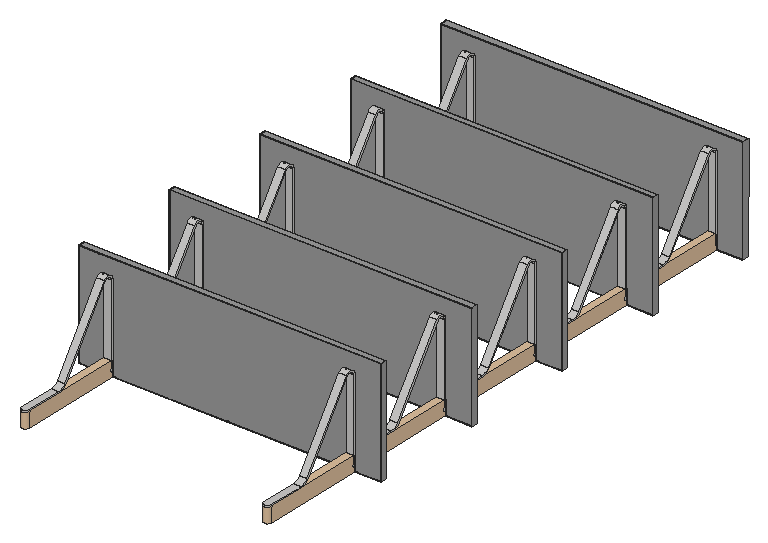
Revit family "Artek_Shelving_Kaari Wall Shelf_Kaari REB009", category Furniture, host Face, Revit 2017
Family settings
  Host = Face
  OmniClass Number = 23.40.20.27
  OmniClass Title = Storage Shelving
  Cut with Voids When Loaded = No
  Shared = No
  Room Calculation Point = No
Parameters (values of type "Kaari Wall Shelf REB009")
  WarrantyStartDate [instance] = "n/a"
  WarrantyGuarantorParts = "n/a"
  WarrantyGuarantorLabor = "n/a"
  WarrantyDurationUnit = "Years"
  WarrantyDurationParts = "n/a"
  WarrantyDurationLabor = "n/a"
  WarrantyDescription = "n/a"
  VersionDate = "11/3/2020"  # constant formula
  Version = "1"  # constant formula
  Uniclass2015Reference = "Pr_40_30_78_77"
  Uniclass2015Description = "Shelf units"
  Uniclass2 = "Pr_40_30_78_77"
  URL = "https://www.artek.fi/en/products/kaari-wall-shelf"
  Type Comments = ""
  TagNumber [instance] = "n/a"
  SustainabilityPerformance = "n/a"
  Style = "n/a"
  Size = "1000x1880x350 mm"
  ShelfTopMaterial = Melamine
  Shape = "Sculptured"
  SerialNumber [instance] = "n/a"
  Revision = "n/a"
  ReplacementCost = "n/a"
  ProductInformation = "n/a"
  Product data url = ""
  NominalWidth = 350 mm
  NominalHeight = 1000 mm
  NominalDepth = 1876 mm
  Name = "Kaari REB009"
  NBSReference = "45-35-80/310"
  NBSDescription = "Shelf units"
  ModelReference = "n/a"
  ModelNumber = "28503401"
  Model = "Kaari Wall Shelf REB009"
  Material = "Wood/Steel"
  ManufacturerURL = "https://www.artek.fi/"
  ManufacturerName = "Artek"
  Manufacturer = "Artek"
  MainColor = "Black"
  LegsMaterial = Solid oak
  InstallationDate [instance] = "n/a"
  IfcExportType = "SHELF"  # constant formula
  IfcExportAs = "IfcFurnitureType"  # constant formula
  Grade = "n/a"
  Finish = "n/a"
  Features = "n/a"
  ExpectedLife = "n/a"
  DurationUnit = "Years"
  Designer = "Ronan & Erwan Bouroullec"
  Description = ""
  Default Elevation = 0 mm
  ConvergoRefNr = "0190-2009-0036-FI"  # constant formula
  Constituents = "n/a"
  Color = "Black"
  Collection = "Kaari Collection"
  CodePerformance = "n/a"
  Category = "Shelving"
  Brand = "Artek"
  Barcode [instance] = "n/a"
  BIMObjectName = "Artek_Shelving_Kaari Wall Shelf_Kaari REB009"  # constant formula
  Author = "Convergo AB"  # constant formula
  AssetType = "Movable"
  AssetIdentifier [instance] = "n/a"
  Assembly Code = ""
  AccessibilityPerformance = "n/a"
Reference planes
  plane 1 "Center (Front/Back)": y = 0
  plane 2: z = 0
  plane 3 "Center (Left/Right)": x = 0
  plane 4: y = 938
  plane 5: y = -938
  plane 6: x = -500
  plane 7: x = 500
  plane 8: z = 350
Dimensions and locks
  equal spacing: plane 5, plane 1 "Center (Front/Back)", plane 4
  "NominalDepth": plane 5 to plane 4
  equal spacing: plane 6, plane 3 "Center (Left/Right)", plane 7
  "NominalHeight": plane 6 to plane 7
  "NominalWidth": plane 8 to level
  aligned and locked: plane 2 to host face
  aligned and locked: level to host face
Automatic sketch dimensions
  host sketch curve to host sketch curve = 2438.4 mm  (x2)
Nested families
  nested 1: "kaari_shelf_reb009" at (0, -938, 0) x (-1, 0, 0) z (0, 1, 0), Legs <- "LegsMaterial", Shelf <- "ShelfTopMaterial", type "kaari_shelf_reb009"
    with ShelfFrame ABS, Shelf Melamine, LegsFrame Flat rolled steel, Legs Solid oak
Definition of nested family "kaari_shelf_reb009"
  Parameters (values of type "kaari_shelf_reb009")
    ShelfFrame [instance] = none
    Shelf [instance] = none
    LegsFrame [instance] = none
    Legs [instance] = none
    Default Elevation = 1219.2 mm
  Reference planes
    plane 1 "Center (Front/Back)": y = 0
    plane 2: z = 0
    plane 3 "Center (Left/Right)": x = 0
  Forms (mm)
    Extrusion 1, solid, material <- "Shelf", detail levels medium+fine
      sketch origin (0, 0, 0) x (1, 0, 0) y (0, 1, 0)
        loop
          line (-499, -349) -> (499, -349) -> (499, -1) -> (413.5, -1) -> (413.5, -51) -> (386.5, -51) -> (386.5, -1) -> (0, -1) -> (-386.5, -1) -> (-386.5, -51) -> (-413.5, -51) -> (-413.5, -1) -> (-499, -1) -> (-499, -349)
      from 1106 to 1128
    Extrusion 2, solid, material <- "LegsFrame", detail levels medium+fine
      sketch origin (0, 0, 0) x (0, 1, 0) y (0, 0, 1)
        loop
          line (-298.43, 1073.33) -> (-65.793, 910.435)
          arc (-65.793, 910.435) -> (-56.39, 899.713) -> (-53, 885.86) r 30
          line (-53, 885.86) -> (-53, 732) -> (-288.129, 732)
          arc (-288.129, 732) -> (-305.257, 719.441) -> (-298.43, 699.33) r 17.959
          line (-298.43, 699.33) -> (-65.793, 536.435)
          arc (-65.793, 536.435) -> (-56.39, 525.713) -> (-53, 511.86) r 30
          line (-53, 511.86) -> (-53, 358) -> (-288.129, 358)
          arc (-288.129, 358) -> (-305.257, 345.441) -> (-298.43, 325.33) r 17.959
          line (-298.43, 325.33) -> (-65.793, 162.435)
          arc (-65.793, 162.435) -> (-56.39, 151.713) -> (-53, 137.86) r 30
          line (-53, 137.86) -> (-53, -2.5) -> (-50, -2.5) -> (-50, 137.74)
          arc (-50, 137.74) -> (-53.755, 153.084) -> (-64.17, 164.961) r 33.23
          line (-64.17, 164.961) -> (-296.604, 327.713)
          arc (-296.604, 327.713) -> (-302.306, 344.511) -> (-288, 355) r 15
          line (-288, 355) -> (-25.999, 355.008)
          arc (-25.999, 355.008) -> (-24.563, 354.523) -> (-23.359, 353.603) r 4.655
          arc (-23.359, 353.603) -> (-16.069, 356.49) -> (-23.355, 359.385) r 4.217
          arc (-23.355, 359.385) -> (-24.491, 358.501) -> (-25.842, 358) r 4.715
          line (-25.842, 358) -> (-50, 358) -> (-50, 511.74)
          arc (-50, 511.74) -> (-53.755, 527.084) -> (-64.17, 538.961) r 33.23
          line (-64.17, 538.961) -> (-296.604, 701.713)
          arc (-296.604, 701.713) -> (-302.306, 718.511) -> (-288, 729) r 15
          line (-288, 729) -> (-25.999, 729.008)
          arc (-25.999, 729.008) -> (-24.563, 728.524) -> (-23.359, 727.604) r 4.655
          arc (-23.359, 727.604) -> (-16.069, 730.49) -> (-23.355, 733.385) r 4.217
          arc (-23.355, 733.385) -> (-24.491, 732.501) -> (-25.842, 732) r 4.715
          line (-25.842, 732) -> (-50, 732) -> (-50, 885.74)
          arc (-50, 885.74) -> (-53.755, 901.084) -> (-64.17, 912.961) r 33.23
          line (-64.17, 912.961) -> (-296.604, 1075.713)
          arc (-296.604, 1075.713) -> (-302.306, 1092.511) -> (-288, 1103) r 15
          line (-288, 1103) -> (-26.77, 1103)
          arc (-26.77, 1103) -> (-24.939, 1102.623) -> (-23.404, 1101.555) r 4.641
          arc (-23.404, 1101.555) -> (-16.026, 1104.5) -> (-23.404, 1107.445) r 4.277
          arc (-23.404, 1107.445) -> (-24.939, 1106.377) -> (-26.77, 1106) r 4.641
          line (-26.77, 1106) -> (-50, 1106) -> (-50, 1259.74)
          arc (-50, 1259.74) -> (-53.755, 1275.084) -> (-64.17, 1286.961) r 33.23
          line (-64.17, 1286.961) -> (-296.604, 1449.713)
          arc (-296.604, 1449.713) -> (-302.306, 1466.511) -> (-288, 1477) r 15
          line (-288, 1477) -> (-26.77, 1477)
          arc (-26.77, 1477) -> (-24.939, 1476.623) -> (-23.404, 1475.555) r 4.641
          arc (-23.404, 1475.555) -> (-16.026, 1478.5) -> (-23.404, 1481.445) r 4.277
          arc (-23.404, 1481.445) -> (-24.939, 1480.377) -> (-26.77, 1480) r 4.641
          line (-26.77, 1480) -> (-50, 1480) -> (-50, 1633.74)
          arc (-50, 1633.74) -> (-53.755, 1649.084) -> (-64.17, 1660.961) r 33.23
          line (-64.17, 1660.961) -> (-296.604, 1823.713)
          arc (-296.604, 1823.713) -> (-302.306, 1840.511) -> (-288, 1851) r 15
          line (-288, 1851) -> (-26.77, 1851)
          arc (-26.77, 1851) -> (-24.939, 1850.623) -> (-23.404, 1849.555) r 4.641
          arc (-23.404, 1849.555) -> (-16.026, 1852.5) -> (-23.404, 1855.445) r 4.277
          arc (-23.404, 1855.445) -> (-24.939, 1854.377) -> (-26.77, 1854) r 4.641
          line (-26.77, 1854) -> (-50, 1854) -> (-288.129, 1854)
          arc (-288.129, 1854) -> (-305.257, 1841.441) -> (-298.43, 1821.33) r 17.959
          line (-298.43, 1821.33) -> (-65.793, 1658.435)
          arc (-65.793, 1658.435) -> (-56.39, 1647.713) -> (-53, 1633.86) r 30
          line (-53, 1633.86) -> (-53, 1480) -> (-288.129, 1480)
          arc (-288.129, 1480) -> (-305.257, 1467.441) -> (-298.43, 1447.33) r 17.959
          line (-298.43, 1447.33) -> (-65.793, 1284.435)
          arc (-65.793, 1284.435) -> (-56.39, 1273.713) -> (-53, 1259.86) r 30
          line (-53, 1259.86) -> (-53, 1106) -> (-288.129, 1106)
          arc (-288.129, 1106) -> (-305.257, 1093.441) -> (-298.43, 1073.33) r 17.959
      from -412.5 to -387.5
    Extrusion 3, solid, material <- "ShelfFrame", detail levels medium+fine
      sketch origin (0, 0, 0) x (1, 0, 0) y (0, 1, 0)
        loop
          line (-500, 0) -> (-500, -350) -> (500, -350) -> (500, 0) -> (412.5, 0) -> (412.5, -50) -> (387.5, -50) -> (387.5, 0) -> (12.5, 0) -> (-387.5, 0) -> (-387.5, -50) -> (-412.5, -50) -> (-412.5, 0) -> (-500, 0)
        loop
          line (-499, -1) -> (-499, -349) -> (499, -349) -> (499, -1) -> (413.5, -1) -> (413.5, -51) -> (386.5, -51) -> (386.5, -1) -> (13.5, -1) -> (-386.5, -1) -> (-386.5, -51) -> (-413.5, -51) -> (-413.5, -1) -> (-499, -1)
      from 1106 to 1128
    Extrusion 4, void
      sketch origin (0, 0, 0) x (1, 0, 0) y (0, 0, 1)
        loop
          line (-412.5, 12.5) -> (-416.007, 12.5) -> (-416.007, -2.5) -> (-386.007, -2.5) -> (-386.007, 12.5) -> (-387.5, 12.5)
          arc (-387.5, 12.5) -> (-400, 0) -> (-412.5, 12.5) r 12.5
      from 43.553 to 61.788
    Sweep 5, void
      path in 3D
        loop
          line (-500, 0, 1128) -> (-500, -350, 1128) -> (500, -350, 1128) -> (500, 0, 1128) -> (412.5, 0, 1128)
      profile origin (-500, -175, 1128) x (1, 0, 0) y (0, 0, 1)
        loop
          line (0, 0) -> (0, -1) -> (1, 0) -> (0, 0)
    Sweep 6, void
      path in 3D
        loop
          line (-500, -350, 1106) -> (-500, 0, 1106) -> (500, 0, 1106) -> (500, -350, 1106) -> (-500, -350, 1106)
      profile origin (0, -350, 1106) x (0, 1, 0) y (0, 0, -1)
        loop
          line (0, 0) -> (0, -1) -> (1, 0) -> (0, 0)
    Extrusion 7, solid, material <- "LegsFrame", detail levels medium+fine
      sketch origin (0, 0, 0) x (0, 1, 0) y (0, 0, -1)
        loop
          arc (-298.43, -1073.33) -> (-305.257, -1093.441) -> (-288.129, -1106) r 17.959
          line (-288.129, -1106) -> (-53, -1106) -> (-53, -1259.86)
          arc (-53, -1259.86) -> (-56.39, -1273.713) -> (-65.793, -1284.435) r 30
          line (-65.793, -1284.435) -> (-298.43, -1447.33)
          arc (-298.43, -1447.33) -> (-305.257, -1467.441) -> (-288.129, -1480) r 17.959
          line (-288.129, -1480) -> (-53, -1480) -> (-53, -1633.86)
          arc (-53, -1633.86) -> (-56.39, -1647.713) -> (-65.793, -1658.435) r 30
          line (-65.793, -1658.435) -> (-298.43, -1821.33)
          arc (-298.43, -1821.33) -> (-305.257, -1841.441) -> (-288.129, -1854) r 17.959
          line (-288.129, -1854) -> (-50, -1854) -> (-26.77, -1854)
          arc (-26.77, -1854) -> (-24.939, -1854.377) -> (-23.404, -1855.445) r 4.641
          arc (-23.404, -1855.445) -> (-16.026, -1852.5) -> (-23.404, -1849.555) r 4.277
          arc (-23.404, -1849.555) -> (-24.939, -1850.623) -> (-26.77, -1851) r 4.641
          line (-26.77, -1851) -> (-288, -1851)
          arc (-288, -1851) -> (-302.306, -1840.511) -> (-296.604, -1823.713) r 15
          line (-296.604, -1823.713) -> (-64.17, -1660.961)
          arc (-64.17, -1660.961) -> (-53.755, -1649.084) -> (-50, -1633.74) r 33.23
          line (-50, -1633.74) -> (-50, -1480) -> (-26.77, -1480)
          arc (-26.77, -1480) -> (-24.939, -1480.377) -> (-23.404, -1481.445) r 4.641
          arc (-23.404, -1481.445) -> (-16.026, -1478.5) -> (-23.404, -1475.555) r 4.277
          arc (-23.404, -1475.555) -> (-24.939, -1476.623) -> (-26.77, -1477) r 4.641
          line (-26.77, -1477) -> (-288, -1477)
          arc (-288, -1477) -> (-302.306, -1466.511) -> (-296.604, -1449.713) r 15
          line (-296.604, -1449.713) -> (-64.17, -1286.961)
          arc (-64.17, -1286.961) -> (-53.755, -1275.084) -> (-50, -1259.74) r 33.23
          line (-50, -1259.74) -> (-50, -1106) -> (-26.77, -1106)
          arc (-26.77, -1106) -> (-24.939, -1106.377) -> (-23.404, -1107.445) r 4.641
          arc (-23.404, -1107.445) -> (-16.026, -1104.5) -> (-23.404, -1101.555) r 4.277
          arc (-23.404, -1101.555) -> (-24.939, -1102.623) -> (-26.77, -1103) r 4.641
          line (-26.77, -1103) -> (-288, -1103)
          arc (-288, -1103) -> (-302.306, -1092.511) -> (-296.604, -1075.713) r 15
          line (-296.604, -1075.713) -> (-64.17, -912.961)
          arc (-64.17, -912.961) -> (-53.755, -901.084) -> (-50, -885.74) r 33.23
          line (-50, -885.74) -> (-50, -732) -> (-25.842, -732)
          arc (-25.842, -732) -> (-24.491, -732.501) -> (-23.355, -733.385) r 4.715
          arc (-23.355, -733.385) -> (-16.069, -730.49) -> (-23.359, -727.603) r 4.217
          arc (-23.359, -727.603) -> (-24.563, -728.523) -> (-25.999, -729.008) r 4.655
          line (-25.999, -729.008) -> (-288, -729)
          arc (-288, -729) -> (-302.306, -718.511) -> (-296.604, -701.713) r 15
          line (-296.604, -701.713) -> (-64.17, -538.961)
          arc (-64.17, -538.961) -> (-53.755, -527.084) -> (-50, -511.74) r 33.23
          line (-50, -511.74) -> (-50, -358) -> (-25.842, -358)
          arc (-25.842, -358) -> (-24.491, -358.501) -> (-23.355, -359.385) r 4.715
          arc (-23.355, -359.385) -> (-16.069, -356.49) -> (-23.359, -353.603) r 4.217
          arc (-23.359, -353.603) -> (-24.563, -354.523) -> (-25.999, -355.008) r 4.655
          line (-25.999, -355.008) -> (-288, -355)
          arc (-288, -355) -> (-302.306, -344.511) -> (-296.604, -327.713) r 15
          line (-296.604, -327.713) -> (-64.17, -164.961)
          arc (-64.17, -164.961) -> (-53.755, -153.084) -> (-50, -137.74) r 33.23
          line (-50, -137.74) -> (-50, 0) -> (-53, 0) -> (-53, -137.86)
          arc (-53, -137.86) -> (-56.39, -151.713) -> (-65.793, -162.435) r 30
          line (-65.793, -162.435) -> (-298.43, -325.33)
          arc (-298.43, -325.33) -> (-305.257, -345.441) -> (-288.129, -358) r 17.959
          line (-288.129, -358) -> (-53, -358) -> (-53, -511.86)
          arc (-53, -511.86) -> (-56.39, -525.713) -> (-65.793, -536.435) r 30
          line (-65.793, -536.435) -> (-298.43, -699.33)
          arc (-298.43, -699.33) -> (-305.257, -719.441) -> (-288.129, -732) r 17.959
          line (-288.129, -732) -> (-53, -732) -> (-53, -885.86)
          arc (-53, -885.86) -> (-56.39, -899.713) -> (-65.793, -910.435) r 30
          line (-65.793, -910.435) -> (-298.43, -1073.33)
      from -412.5 to -387.5
    Extrusion 8, solid, material <- "Legs", detail levels medium+fine
      sketch origin (1.698, 0, 2.863) x (1, 0, 0) y (0, 0, 1)
        loop
          line (-414.198, 1873.137) -> (-414.198, 12.5)
          arc (-414.198, 12.5) -> (-401.698, 0) -> (-389.198, 12.5) r 12.5
          line (-389.198, 12.5) -> (-389.198, 1873.137) -> (-414.198, 1873.137)
        loop
          line (410.802, 1873.137) -> (385.802, 1873.137) -> (385.802, 12.5)
          arc (385.802, 12.5) -> (398.302, 0) -> (410.802, 12.5) r 12.5
          line (410.802, 12.5) -> (410.802, 1873.137)
      from 0 to 50
    Extrusion 9, solid, material <- "Shelf", detail levels medium+fine
      sketch origin (0, 0, 0) x (1, 0, 0) y (0, 1, 0)
        loop
          line (-499, -349) -> (499, -349) -> (499, -1) -> (413.5, -1) -> (413.5, -51) -> (386.5, -51) -> (386.5, -1) -> (0, -1) -> (-386.5, -1) -> (-386.5, -51) -> (-413.5, -51) -> (-413.5, -1) -> (-499, -1) -> (-499, -349)
      from 1480 to 1502
    Extrusion 10, solid, material <- "ShelfFrame", detail levels medium+fine
      sketch origin (0, 0, 0) x (1, 0, 0) y (0, 1, 0)
        loop
          line (-500, 0) -> (-500, -350) -> (500, -350) -> (500, 0) -> (412.5, 0) -> (412.5, -50) -> (387.5, -50) -> (387.5, 0) -> (12.5, 0) -> (-387.5, 0) -> (-387.5, -50) -> (-412.5, -50) -> (-412.5, 0) -> (-500, 0)
        loop
          line (-499, -1) -> (-499, -349) -> (499, -349) -> (499, -1) -> (413.5, -1) -> (413.5, -51) -> (386.5, -51) -> (386.5, -1) -> (13.5, -1) -> (-386.5, -1) -> (-386.5, -51) -> (-413.5, -51) -> (-413.5, -1) -> (-499, -1)
      from 1480 to 1502
    Sweep 11, void
      path in 3D
        loop
          line (-500, 0, 1502) -> (-500, -350, 1502) -> (500, -350, 1502) -> (500, 0, 1502) -> (412.5, 0, 1502)
      profile origin (-500, -175, 1502) x (1, 0, 0) y (0, 0, 1)
        loop
          line (0, 0) -> (0, -1) -> (1, 0) -> (0, 0)
    Sweep 12, void
      path in 3D
        loop
          line (-500, -350, 1480) -> (-500, 0, 1480) -> (500, 0, 1480) -> (500, -350, 1480) -> (-500, -350, 1480)
      profile origin (0, -350, 1480) x (0, 1, 0) y (0, 0, -1)
        loop
          line (0, 0) -> (0, -1) -> (1, 0) -> (0, 0)
    Extrusion 13, solid, material <- "Shelf", detail levels medium+fine
      sketch origin (0, 0, 0) x (1, 0, 0) y (0, 1, 0)
        loop
          line (-499, -349) -> (499, -349) -> (499, -1) -> (413.5, -1) -> (413.5, -51) -> (386.5, -51) -> (386.5, -1) -> (0, -1) -> (-386.5, -1) -> (-386.5, -51) -> (-413.5, -51) -> (-413.5, -1) -> (-499, -1) -> (-499, -349)
      from 358 to 380
    Extrusion 14, solid, material <- "ShelfFrame", detail levels medium+fine
      sketch origin (0, 0, 0) x (1, 0, 0) y (0, 1, 0)
        loop
          line (-500, 0) -> (-500, -350) -> (500, -350) -> (500, 0) -> (412.5, 0) -> (412.5, -50) -> (387.5, -50) -> (387.5, 0) -> (12.5, 0) -> (-387.5, 0) -> (-387.5, -50) -> (-412.5, -50) -> (-412.5, 0) -> (-500, 0)
        loop
          line (-499, -1) -> (-499, -349) -> (499, -349) -> (499, -1) -> (413.5, -1) -> (413.5, -51) -> (386.5, -51) -> (386.5, -1) -> (13.5, -1) -> (-386.5, -1) -> (-386.5, -51) -> (-413.5, -51) -> (-413.5, -1) -> (-499, -1)
      from 358 to 380
    Sweep 15, void
      path in 3D
        loop
          line (-500, 0, 380) -> (-500, -350, 380) -> (500, -350, 380) -> (500, 0, 380) -> (412.5, 0, 380)
      profile origin (-500, -175, 380) x (1, 0, 0) y (0, 0, 1)
        loop
          line (0, 0) -> (0, -1) -> (1, 0) -> (0, 0)
    Extrusion 16, solid, material <- "Shelf", detail levels medium+fine
      sketch origin (0, 0, 0) x (1, 0, 0) y (0, 1, 0)
        loop
          line (-499, -349) -> (499, -349) -> (499, -1) -> (413.5, -1) -> (413.5, -51) -> (386.5, -51) -> (386.5, -1) -> (0, -1) -> (-386.5, -1) -> (-386.5, -51) -> (-413.5, -51) -> (-413.5, -1) -> (-499, -1) -> (-499, -349)
      from 1854 to 1876
    Extrusion 17, solid, material <- "ShelfFrame", detail levels medium+fine
      sketch origin (0, 0, 0) x (1, 0, 0) y (0, 1, 0)
        loop
          line (-500, 0) -> (-500, -350) -> (500, -350) -> (500, 0) -> (412.5, 0) -> (412.5, -50) -> (387.5, -50) -> (387.5, 0) -> (12.5, 0) -> (-387.5, 0) -> (-387.5, -50) -> (-412.5, -50) -> (-412.5, 0) -> (-500, 0)
        loop
          line (-499, -1) -> (-499, -349) -> (499, -349) -> (499, -1) -> (413.5, -1) -> (413.5, -51) -> (386.5, -51) -> (386.5, -1) -> (13.5, -1) -> (-386.5, -1) -> (-386.5, -51) -> (-413.5, -51) -> (-413.5, -1) -> (-499, -1)
      from 1854 to 1876
    Sweep 18, void
      path in 3D
        loop
          line (-500, 0, 1876) -> (-500, -350, 1876) -> (500, -350, 1876) -> (500, 0, 1876) -> (412.5, 0, 1876)
      profile origin (-500, -175, 1876) x (1, 0, 0) y (0, 0, 1)
        loop
          line (0, 0) -> (0, -1) -> (1, 0) -> (0, 0)
    Extrusion 19, solid, material <- "Shelf", detail levels medium+fine
      sketch origin (0, 0, 0) x (1, 0, 0) y (0, 1, 0)
        loop
          line (-499, -349) -> (499, -349) -> (499, -1) -> (413.5, -1) -> (413.5, -51) -> (386.5, -51) -> (386.5, -1) -> (0, -1) -> (-386.5, -1) -> (-386.5, -51) -> (-413.5, -51) -> (-413.5, -1) -> (-499, -1) -> (-499, -349)
      from 1106 to 1128
    Extrusion 20, solid, material <- "ShelfFrame", detail levels medium+fine
      sketch origin (0, 0, 0) x (1, 0, 0) y (0, 1, 0)
        loop
          line (-500, 0) -> (-500, -350) -> (500, -350) -> (500, 0) -> (412.5, 0) -> (412.5, -50) -> (387.5, -50) -> (387.5, 0) -> (12.5, 0) -> (-387.5, 0) -> (-387.5, -50) -> (-412.5, -50) -> (-412.5, 0) -> (-500, 0)
        loop
          line (-499, -1) -> (-499, -349) -> (499, -349) -> (499, -1) -> (413.5, -1) -> (413.5, -51) -> (386.5, -51) -> (386.5, -1) -> (13.5, -1) -> (-386.5, -1) -> (-386.5, -51) -> (-413.5, -51) -> (-413.5, -1) -> (-499, -1)
      from 1106 to 1128
    Sweep 21, void
      path in 3D
        loop
          line (-500, 0, 1128) -> (-500, -350, 1128) -> (500, -350, 1128) -> (500, 0, 1128) -> (412.5, 0, 1128)
      profile origin (-500, -175, 1128) x (1, 0, 0) y (0, 0, 1)
        loop
          line (0, 0) -> (0, -1) -> (1, 0) -> (0, 0)
    Sweep 22, void
      path in 3D
        loop
          line (-500, -350, 732) -> (-500, 0, 732) -> (500, 0, 732) -> (500, -350, 732) -> (-500, -350, 732)
      profile origin (0, -350, 732) x (0, 1, 0) y (0, 0, -1)
        loop
          line (0, 0) -> (0, -1) -> (1, 0) -> (0, 0)
    Extrusion 23, solid, material <- "Shelf", detail levels medium+fine
      sketch origin (0, 0, 0) x (1, 0, 0) y (0, 1, 0)
        loop
          line (-499, -349) -> (499, -349) -> (499, -1) -> (413.5, -1) -> (413.5, -51) -> (386.5, -51) -> (386.5, -1) -> (0, -1) -> (-386.5, -1) -> (-386.5, -51) -> (-413.5, -51) -> (-413.5, -1) -> (-499, -1) -> (-499, -349)
      from 732 to 754
    Extrusion 24, solid, material <- "ShelfFrame", detail levels medium+fine
      sketch origin (0, 0, 0) x (1, 0, 0) y (0, 1, 0)
        loop
          line (-500, 0) -> (-500, -350) -> (500, -350) -> (500, 0) -> (412.5, 0) -> (412.5, -50) -> (387.5, -50) -> (387.5, 0) -> (12.5, 0) -> (-387.5, 0) -> (-387.5, -50) -> (-412.5, -50) -> (-412.5, 0) -> (-500, 0)
        loop
          line (-499, -1) -> (-499, -349) -> (499, -349) -> (499, -1) -> (413.5, -1) -> (413.5, -51) -> (386.5, -51) -> (386.5, -1) -> (13.5, -1) -> (-386.5, -1) -> (-386.5, -51) -> (-413.5, -51) -> (-413.5, -1) -> (-499, -1)
      from 732 to 754
    Sweep 25, void
      path in 3D
        loop
          line (-500, 0, 754) -> (-500, -350, 754) -> (500, -350, 754) -> (500, 0, 754) -> (412.5, 0, 754)
      profile origin (-500, -175, 754) x (1, 0, 0) y (0, 0, 1)
        loop
          line (0, 0) -> (0, -1) -> (1, 0) -> (0, 0)
    Sweep 26, void
      path in 3D
        loop
          line (-500, -350, 732) -> (-500, 0, 732) -> (500, 0, 732) -> (500, -350, 732) -> (-500, -350, 732)
      profile origin (0, -350, 732) x (0, 1, 0) y (0, 0, -1)
        loop
          line (0, 0) -> (0, -1) -> (1, 0) -> (0, 0)
    Sweep 27, void
      path in 3D
        loop
          line (-500, -350, 358) -> (-500, 0, 358) -> (500, 0, 358) -> (500, -350, 358) -> (-500, -350, 358)
      profile origin (0, -350, 358) x (0, 1, 0) y (0, 0, -1)
        loop
          line (0, 0) -> (0, -1) -> (1, 0) -> (0, 0)
    Sweep 28, void
      path in 3D
        loop
          line (-500, -350, 358) -> (-500, 0, 358) -> (500, 0, 358) -> (500, -350, 358) -> (-500, -350, 358)
      profile origin (0, -350, 358) x (0, 1, 0) y (0, 0, -1)
        loop
          line (0, 0) -> (0, -1) -> (1, 0) -> (0, 0)
    Extrusion 29, void
      sketch origin (0, 0, 0) x (-1, 0, 0) y (0, 0, -1)
        loop
          arc (-412.5, -12.5) -> (-400, 0) -> (-387.5, -12.5) r 12.5
          line (-387.5, -12.5) -> (-386.007, -12.5) -> (-386.007, 2.5) -> (-416.007, 2.5) -> (-416.007, -12.5) -> (-412.5, -12.5)
      from 43.553 to 61.788
    Extrusion 30, solid, material <- "Shelf", detail levels coarse
      sketch origin (0, 0, 0) x (1, 0, 0) y (0, 1, 0)
        loop
          line (-500, 0) -> (-500, -350) -> (500, -350) -> (500, 0) -> (-500, 0)
      from 0 to 1876
  Cuts and joins
    Extrusion 4, Extrusion 29 cuts Extrusion 2
    Sweep 5, Sweep 6, Sweep 11, Sweep 12, Sweep 21, Sweep 22 cuts Extrusion 3
    Sweep 11, Sweep 15, Sweep 22, Sweep 26, Sweep 27, Sweep 28, Extrusion 29 cuts Extrusion 8
    Sweep 11, Sweep 12, Sweep 15, Sweep 26 cuts Extrusion 10
    Sweep 15, Sweep 18, Sweep 21, Sweep 25, Sweep 28 cuts Extrusion 14
    Sweep 18 cuts Extrusion 17
    Sweep 21 cuts Extrusion 1
    Sweep 6, Sweep 21, Sweep 22 cuts Extrusion 20
    Sweep 25, Sweep 26, Sweep 27, Sweep 28 cuts Extrusion 24
    Extrusion 29 cuts Extrusion 7
  Lines and regions (mm)
    symbolic lines, detail levels medium+fine
      curve 1: line (0, 0, 1876) -> (-500, 0, 1876)
      curve 2: line (-500, 0, 1876) -> (-500, 0, 1854)
      curve 3: line (-500, 0, 1854) -> (-412.5, 0, 1854)
      curve 4: line (-412.5, 0, 1854) -> (-412.5, 0, 1502)
      curve 5: line (-412.5, 0, 1502) -> (-500, 0, 1502)
      curve 6: line (-500, 0, 1502) -> (-500, 0, 1480)
      curve 7: line (-500, 0, 1480) -> (-412.5, 0, 1480)
      curve 8: line (-412.5, 0, 1480) -> (-412.5, 0, 1128)
      curve 9: line (-412.5, 0, 380) -> (-500, 0, 380)
      curve 10: line (-500, 0, 380) -> (-500, 0, 358)
      curve 11: line (-500, 0, 358) -> (-412.5, 0, 358)
      curve 12: line (-412.5, 0, 358) -> (-412.5, 0, 12.5)
      curve 13: arc (-412.5, 0, 12.5) -> (-400, 0, 0) -> (-387.5, 0, 12.5) r 12.5
      curve 14: line (-387.5, 0, 12.5) -> (-387.5, 0, 358)
      curve 20: line (0, -350, 1876) -> (0, 0, 1876)
      curve 21: line (0, 0, 1876) -> (0, 0, 0)
      curve 22: line (0, 0, 0) -> (0, -53, 0)
      curve 23: line (0, -53, 0) -> (0, -53, 137.86)
      curve 24: arc (0, -65.793, 162.435) -> (0, -56.39, 151.713) -> (0, -53, 137.86) r 30
      curve 25: line (0, -298.43, 325.33) -> (0, -65.793, 162.435)
      curve 26: arc (0, -288.129, 358) -> (0, -305.257, 345.441) -> (0, -298.43, 325.33) r 17.959
      curve 27: line (0, -288.129, 358) -> (0, -350, 358)
      curve 28: line (0, -350, 358) -> (0, -350, 380)
      curve 29: line (0, -350, 380) -> (0, -53, 380)
      curve 30: line (0, -53, 380) -> (0, -53, 511.86)
      curve 31: arc (0, -65.793, 536.435) -> (0, -56.39, 525.713) -> (0, -53, 511.86) r 30
      curve 32: line (0, -298.43, 699.33) -> (0, -65.793, 536.435)
      curve 33: arc (0, -288.129, 732) -> (0, -305.257, 719.441) -> (0, -298.43, 699.33) r 17.959
      curve 34: line (0, -288.129, 732) -> (0, -350, 732)
      curve 35: line (0, -350, 732) -> (0, -350, 754)
      curve 36: line (0, -350, 754) -> (0, -53, 754)
      curve 37: arc (0, -65.793, 1658.435) -> (0, -56.39, 1647.713) -> (0, -53, 1633.86) r 30
      curve 38: line (0, -298.43, 1821.33) -> (0, -65.793, 1658.435)
      curve 39: arc (0, -288.129, 1854) -> (0, -305.257, 1841.441) -> (0, -298.43, 1821.33) r 17.959
      curve 40: line (0, -288.129, 1854) -> (0, -350, 1854)
      curve 41: line (0, -350, 1854) -> (0, -350, 1876)
      curve 75: line (-500, 0, 0) -> (500, 0, 0)
      curve 76: line (-500, -350, 0) -> (-500, 0, 0)
      curve 77: line (500, -350, 0) -> (-500, -350, 0)
      curve 78: line (500, 0, 0) -> (500, -350, 0)
      curve 120: line (-412.5, 0, 1128) -> (-500, 0, 1128)
      curve 121: line (-500, 0, 1128) -> (-500, 0, 1106)
      curve 122: line (-500, 0, 1106) -> (-412.5, 0, 1106)
      curve 129: line (-412.5, 0, 1106) -> (-412.5, 0, 754)
      curve 130: line (-412.5, 0, 754) -> (-500, 0, 754)
      curve 131: line (-500, 0, 754) -> (-500, 0, 732)
      curve 132: line (-500, 0, 732) -> (-412.5, 0, 732)
      curve 138: line (-412.5, 0, 732) -> (-412.5, 0, 380)
      curve 139: line (-387.5, 0, 358) -> (0, 0, 358)
      curve 141: line (0, 0, 1876) -> (500, 0, 1876)
      curve 142: line (500, 0, 1876) -> (500, 0, 1854)
      curve 143: line (500, 0, 1854) -> (412.5, 0, 1854)
      curve 144: line (412.5, 0, 1854) -> (412.5, 0, 1502)
      curve 145: line (412.5, 0, 1502) -> (500, 0, 1502)
      curve 146: line (500, 0, 1502) -> (500, 0, 1480)
      curve 147: line (500, 0, 1480) -> (412.5, 0, 1480)
      curve 148: line (412.5, 0, 1480) -> (412.5, 0, 1128)
      curve 149: line (412.5, 0, 380) -> (500, 0, 380)
      curve 150: line (500, 0, 380) -> (500, 0, 358)
      curve 151: line (500, 0, 358) -> (412.5, 0, 358)
      curve 152: line (412.5, 0, 358) -> (412.5, 0, 12.5)
      curve 153: arc (412.5, 0, 12.5) -> (400, 0, 0) -> (387.5, 0, 12.5) r 12.5
      curve 154: line (387.5, 0, 12.5) -> (387.5, 0, 358)
      curve 161: line (412.5, 0, 1128) -> (500, 0, 1128)
      curve 162: line (500, 0, 1128) -> (500, 0, 1106)
      curve 163: line (500, 0, 1106) -> (412.5, 0, 1106)
      curve 170: line (412.5, 0, 1106) -> (412.5, 0, 754)
      curve 171: line (412.5, 0, 754) -> (500, 0, 754)
      curve 172: line (500, 0, 754) -> (500, 0, 732)
      curve 173: line (500, 0, 732) -> (412.5, 0, 732)
      curve 179: line (412.5, 0, 732) -> (412.5, 0, 380)
      curve 180: line (387.5, 0, 358) -> (0, 0, 358)
      curve 182: line (0, -53, 754) -> (0, -53, 885.879)
      curve 183: arc (0, -65.793, 910.453) -> (0, -56.39, 899.731) -> (0, -53, 885.879) r 30
      curve 184: line (0, -298.43, 1073.348) -> (0, -65.793, 910.453)
      curve 185: arc (0, -288.129, 1106.018) -> (0, -305.257, 1093.459) -> (0, -298.43, 1073.348) r 17.959
      curve 186: line (0, -288.129, 1106.018) -> (0, -350, 1106.018)
      curve 187: line (0, -350, 1106.018) -> (0, -350, 1128.018)
      curve 188: line (0, -350, 1128.018) -> (0, -53, 1128.018)
      curve 198: line (0, -53, 1128.018) -> (0, -53, 1259.879)
      curve 199: arc (0, -65.793, 1284.453) -> (0, -56.39, 1273.731) -> (0, -53, 1259.879) r 30
      curve 200: line (0, -298.43, 1447.348) -> (0, -65.793, 1284.453)
      curve 201: arc (0, -288.129, 1480.018) -> (0, -305.257, 1467.459) -> (0, -298.43, 1447.348) r 17.959
      curve 202: line (0, -288.129, 1480.018) -> (0, -350, 1480.018)
      curve 203: line (0, -350, 1480.018) -> (0, -350, 1502.018)
      curve 204: line (0, -350, 1502.018) -> (0, -53, 1502.018)
      curve 214: line (0, -53, 1633.86) -> (0, -53, 1502.018)
    symbolic lines, detail levels fine
      curve 15: line (-412.5, 0, 1502) -> (0, 0, 1502)
      curve 16: line (-412.5, 0, 1480) -> (0, 0, 1480)
      curve 17: line (-387.5, 0, 1854) -> (-387.5, 0, 1502)
      curve 18: line (-387.5, 0, 1480) -> (-387.5, 0, 1128)
      curve 19: line (-412.5, 0, 358) -> (-387.5, 0, 358)
      curve 42: line (0, 0, 1854) -> (0, -288.129, 1854)
      curve 43: line (0, -288, 1851) -> (0, -26.77, 1851)
      curve 44: arc (0, -296.604, 1823.713) -> (0, -302.306, 1840.511) -> (0, -288, 1851) r 15
      curve 45: line (0, -64.17, 1660.961) -> (0, -296.604, 1823.713)
      curve 46: arc (0, -26.77, 1851) -> (0, -24.939, 1850.623) -> (0, -23.404, 1849.555) r 4.641
      curve 47: arc (0, -23.404, 1849.555) -> (0, -18.035, 1848.874) -> (0, -16.298, 1854) r 4.277
      curve 48: arc (0, -50, 1633.74) -> (0, -53.755, 1649.084) -> (0, -64.17, 1660.961) r 33.23
      curve 49: line (0, -53, 754) -> (0, 0, 754)
      curve 50: line (0, -288.129, 732) -> (0, 0, 732)
      curve 51: line (0, -288, 729.008) -> (0, -25.999, 729.008)
      curve 52: arc (0, -296.604, 701.713) -> (0, -302.306, 718.511) -> (0, -288, 729) r 15
      curve 53: line (0, -64.17, 538.961) -> (0, -296.604, 701.713)
      curve 54: arc (0, -25.999, 729.008) -> (0, -24.563, 728.523) -> (0, -23.359, 727.603) r 4.655
      curve 55: arc (0, -23.359, 727.603) -> (0, -18.046, 726.92) -> (0, -16.348, 732) r 4.217
      curve 56: line (0, -50, 729.008) -> (0, -50, 380)
      curve 57: arc (0, -50, 511.74) -> (0, -53.755, 527.084) -> (0, -64.17, 538.961) r 33.23
      curve 58: line (0, -53, 380) -> (0, 0, 380)
      curve 59: line (0, -288.129, 358) -> (0, 0, 358)
      curve 60: line (0, -288, 355.008) -> (0, -25.999, 355.008)
      curve 61: arc (0, -25.999, 355.008) -> (0, -24.563, 354.523) -> (0, -23.359, 353.603) r 4.655
      curve 62: arc (0, -23.359, 353.603) -> (0, -18.046, 352.92) -> (0, -16.348, 358) r 4.217
      curve 63: arc (0, -296.604, 327.713) -> (0, -302.306, 344.511) -> (0, -288, 355) r 15
      curve 64: line (0, -64.17, 164.961) -> (0, -296.604, 327.713)
      curve 65: arc (0, -50, 137.74) -> (0, -53.755, 153.084) -> (0, -64.17, 164.961) r 33.23
      curve 66: line (0, -50, 355.008) -> (0, -50, 0)
      curve 119: line (-412.5, 0, 1854) -> (0, 0, 1854)
      curve 123: line (-387.5, 0, 1106) -> (-12.5, 0, 1106)
      curve 124: line (-412.5, 0, 1128) -> (-387.5, 0, 1128)
      curve 125: line (-412.5, 0, 1106) -> (-387.5, 0, 1106)
      curve 126: line (-387.5, 0, 1128) -> (0, 0, 1128)
      curve 127: line (-387.5, 0, 1106) -> (-387.5, 0, 754)
      curve 128: line (-387.5, 0, 1106) -> (0, 0, 1106)
      curve 133: line (-412.5, 0, 754) -> (-387.5, 0, 754)
      curve 134: line (-412.5, 0, 732) -> (-387.5, 0, 732)
      curve 135: line (-387.5, 0, 754) -> (0, 0, 754)
      curve 136: line (-387.5, 0, 732) -> (0, 0, 732)
      curve 137: line (-387.5, 0, 732) -> (-387.5, 0, 380)
      curve 140: line (-387.5, 0, 380) -> (0, 0, 380)
      curve 155: line (412.5, 0, 1502) -> (0, 0, 1502)
      curve 156: line (412.5, 0, 1480) -> (0, 0, 1480)
      curve 157: line (387.5, 0, 1854) -> (387.5, 0, 1502)
      curve 158: line (387.5, 0, 1480) -> (387.5, 0, 1128)
      curve 159: line (412.5, 0, 358) -> (387.5, 0, 358)
      curve 160: line (412.5, 0, 1854) -> (0, 0, 1854)
      curve 164: line (387.5, 0, 1106) -> (12.5, 0, 1106)
      curve 165: line (412.5, 0, 1128) -> (387.5, 0, 1128)
      curve 166: line (412.5, 0, 1106) -> (387.5, 0, 1106)
      curve 167: line (387.5, 0, 1128) -> (0, 0, 1128)
      curve 168: line (387.5, 0, 1106) -> (387.5, 0, 754)
      curve 169: line (387.5, 0, 1106) -> (0, 0, 1106)
      curve 174: line (412.5, 0, 754) -> (387.5, 0, 754)
      curve 175: line (412.5, 0, 732) -> (387.5, 0, 732)
      curve 176: line (387.5, 0, 754) -> (0, 0, 754)
      curve 177: line (387.5, 0, 732) -> (0, 0, 732)
      curve 178: line (387.5, 0, 732) -> (387.5, 0, 380)
      curve 181: line (387.5, 0, 380) -> (0, 0, 380)
      curve 189: line (0, -53, 1128.018) -> (0, 0, 1128.018)
      curve 190: line (0, -288.129, 1106.018) -> (0, 0, 1106.018)
      curve 191: line (0, -288, 1103.026) -> (0, -25.999, 1103.026)
      curve 192: arc (0, -296.604, 1075.731) -> (0, -302.306, 1092.529) -> (0, -288, 1103.018) r 15
      curve 193: line (0, -64.17, 912.979) -> (0, -296.604, 1075.731)
      curve 194: arc (0, -25.999, 1103.026) -> (0, -24.563, 1102.542) -> (0, -23.359, 1101.621) r 4.655
      curve 195: arc (0, -23.359, 1101.621) -> (0, -18.046, 1100.938) -> (0, -16.348, 1106.018) r 4.217
      curve 196: line (0, -50, 1103.026) -> (0, -50, 754)
      curve 197: arc (0, -50, 885.758) -> (0, -53.755, 901.102) -> (0, -64.17, 912.979) r 33.23
      curve 205: line (0, -53, 1502.018) -> (0, 0, 1502.018)
      curve 206: line (0, -288.129, 1480.018) -> (0, 0, 1480.018)
      curve 207: line (0, -288, 1477.026) -> (0, -25.999, 1477.026)
      curve 208: arc (0, -296.604, 1449.731) -> (0, -302.306, 1466.529) -> (0, -288, 1477.018) r 15
      curve 209: line (0, -64.17, 1286.979) -> (0, -296.604, 1449.731)
      curve 210: arc (0, -25.999, 1477.026) -> (0, -24.563, 1476.542) -> (0, -23.359, 1475.621) r 4.655
      curve 211: arc (0, -23.359, 1475.621) -> (0, -18.046, 1474.938) -> (0, -16.348, 1480.018) r 4.217
      curve 212: line (0, -50, 1477.026) -> (0, -50, 1128.018)
      curve 213: arc (0, -50, 1259.758) -> (0, -53.755, 1275.102) -> (0, -64.17, 1286.979) r 33.23
      curve 215: line (0, -50, 1502.018) -> (0, -50, 1851)
      curve 216: line (-412.5, 0, 380) -> (-387.5, 0, 380)
      curve 217: line (412.5, 0, 380) -> (387.5, 0, 380)
    sketch lines
      curve 67: line (-500, 0, 1128) -> (-500, -350, 1128)
      curve 68: line (-500, -350, 1128) -> (500, -350, 1128)
      curve 69: line (500, -350, 1128) -> (500, 0, 1128)
      curve 70: line (500, 0, 1128) -> (412.5, 0, 1128)
      curve 71: line (500, -350, 1106) -> (-500, -350, 1106)
      curve 72: line (-500, -350, 1106) -> (-500, 0, 1106)
      curve 73: line (500, 0, 1106) -> (500, -350, 1106)
      curve 74: line (-500, 0, 1106) -> (500, 0, 1106)
      curve 79: line (-500, 0, 1502) -> (-500, -350, 1502)
      curve 80: line (-500, -350, 1502) -> (500, -350, 1502)
      curve 81: line (500, -350, 1502) -> (500, 0, 1502)
      curve 82: line (500, 0, 1502) -> (412.5, 0, 1502)
      curve 83: line (500, -350, 1480) -> (-500, -350, 1480)
      curve 84: line (-500, -350, 1480) -> (-500, 0, 1480)
      curve 85: line (500, 0, 1480) -> (500, -350, 1480)
      curve 86: line (-500, 0, 1480) -> (500, 0, 1480)
      curve 87: line (-500, 0, 380) -> (-500, -350, 380)
      curve 88: line (-500, -350, 380) -> (500, -350, 380)
      curve 89: line (500, -350, 380) -> (500, 0, 380)
      curve 90: line (500, 0, 380) -> (412.5, 0, 380)
      curve 91: line (-500, 0, 1876) -> (-500, -350, 1876)
      curve 92: line (-500, -350, 1876) -> (500, -350, 1876)
      curve 93: line (500, -350, 1876) -> (500, 0, 1876)
      curve 94: line (500, 0, 1876) -> (412.5, 0, 1876)
      curve 95: line (-500, 0, 1128) -> (-500, -350, 1128)
      curve 96: line (-500, -350, 1128) -> (500, -350, 1128)
      curve 97: line (500, -350, 1128) -> (500, 0, 1128)
      curve 98: line (500, 0, 1128) -> (412.5, 0, 1128)
      curve 99: line (500, -350, 732) -> (-500, -350, 732)
      curve 100: line (-500, -350, 732) -> (-500, 0, 732)
      curve 101: line (500, 0, 732) -> (500, -350, 732)
      curve 102: line (-500, 0, 732) -> (500, 0, 732)
      curve 103: line (-500, 0, 754) -> (-500, -350, 754)
      curve 104: line (-500, -350, 754) -> (500, -350, 754)
      curve 105: line (500, -350, 754) -> (500, 0, 754)
      curve 106: line (500, 0, 754) -> (412.5, 0, 754)
      curve 107: line (500, -350, 732) -> (-500, -350, 732)
      curve 108: line (-500, -350, 732) -> (-500, 0, 732)
      curve 109: line (500, 0, 732) -> (500, -350, 732)
      curve 110: line (-500, 0, 732) -> (500, 0, 732)
      curve 111: line (500, -350, 358) -> (-500, -350, 358)
      curve 112: line (-500, -350, 358) -> (-500, 0, 358)
      curve 113: line (500, 0, 358) -> (500, -350, 358)
      curve 114: line (-500, 0, 358) -> (500, 0, 358)
      curve 115: line (500, -350, 358) -> (-500, -350, 358)
      curve 116: line (-500, -350, 358) -> (-500, 0, 358)
      curve 117: line (500, 0, 358) -> (500, -350, 358)
      curve 118: line (-500, 0, 358) -> (500, 0, 358)
  Dimensions and locks
    aligned and locked: level to plane 2
  Automatic sketch dimensions
    Extrusion 1 sketch curve to plane 3 "Center (Left/Right)" = 499 mm
    Extrusion 1 sketch curve to Extrusion 1 sketch curve = 85.5 mm  (x2)
    Extrusion 1 sketch curve to Extrusion 1 sketch curve = 27 mm  (x2)
    Extrusion 1 sketch curve to plane 3 "Center (Left/Right)" = 0 mm
    plane 1 "Center (Front/Back)" to Extrusion 1 sketch curve = 1 mm  (x3)
    plane 3 "Center (Left/Right)" to Extrusion 1 sketch curve = 386.5 mm
    Extrusion 1 sketch curve to Extrusion 1 sketch curve = 50 mm  (x2)
    Extrusion 1 sketch curve to Extrusion 1 sketch curve = 298 mm
    plane 1 "Center (Front/Back)" to Extrusion 2 sketch curve = 298.43 mm  (x5)
    Extrusion 2 sketch curve to Extrusion 2 sketch curve = 1.826 mm  (x5)
    Extrusion 2 sketch curve to Extrusion 2 sketch curve = 8.475 mm  (x5)
    Extrusion 2 sketch curve to Extrusion 2 sketch curve = 0.129 mm  (x5)
    plane 1 "Center (Front/Back)" to Extrusion 2 sketch curve = 83.23 mm  (x5)
    Extrusion 2 sketch curve to Extrusion 2 sketch curve = 0.23 mm  (x5)
    Extrusion 2 sketch curve to Extrusion 2 sketch curve = 17.207 mm  (x5)
    Extrusion 2 sketch curve to Extrusion 2 sketch curve = 1.623 mm  (x5)
    Extrusion 2 sketch curve to level = 2.5 mm
    plane 1 "Center (Front/Back)" to Extrusion 2 sketch curve = 53 mm  (x5)
    Extrusion 2 sketch curve to Extrusion 2 sketch curve = 3 mm  (x5)
    plane 1 "Center (Front/Back)" to Extrusion 2 sketch curve = 50 mm
    Extrusion 2 sketch curve to Extrusion 2 sketch curve = 23.214 mm  (x2)
    Extrusion 2 sketch curve to Extrusion 2 sketch curve = 23.23 mm  (x3)
    Extrusion 2 sketch curve to Extrusion 2 sketch curve = 0 mm  (x15)
    Extrusion 2 sketch curve to Extrusion 2 sketch curve = 0.037 mm  (x2)
    Extrusion 2 sketch curve to Extrusion 2 sketch curve = 0.751 mm  (x2)
    Extrusion 2 sketch curve to Extrusion 2 sketch curve = 0.157 mm  (x2)
    Extrusion 2 sketch curve to Extrusion 2 sketch curve = 6.466 mm  (x3)
    Extrusion 2 sketch curve to Extrusion 2 sketch curve = 5.555 mm  (x2)
    level to Extrusion 2 sketch curve = 137.74 mm
    Extrusion 2 sketch curve to Extrusion 2 sketch curve = 0.12 mm  (x5)
    Extrusion 2 sketch curve to Extrusion 2 sketch curve = 2.383 mm  (x5)
    Extrusion 2 sketch curve to Extrusion 2 sketch curve = 12.287 mm  (x5)
    Extrusion 2 sketch curve to Extrusion 2 sketch curve = 0.041 mm  (x5)
    Extrusion 2 sketch curve to Extrusion 2 sketch curve = 7.586 mm  (x2)
    Extrusion 2 sketch curve to Extrusion 2 sketch curve = 4.594 mm  (x2)
    Extrusion 2 sketch curve to Extrusion 2 sketch curve = 1.484 mm  (x2)
    Extrusion 2 sketch curve to Extrusion 2 sketch curve = 4.619 mm  (x2)
    Extrusion 2 sketch curve to Extrusion 2 sketch curve = 149.121 mm
    Extrusion 2 sketch curve to Extrusion 2 sketch curve = 153.74 mm  (x3)
    Extrusion 2 sketch curve to Extrusion 2 sketch curve = 27.221 mm  (x3)
    Extrusion 2 sketch curve to Extrusion 2 sketch curve = 4.641 mm  (x6)
    Extrusion 2 sketch curve to Extrusion 2 sketch curve = 1.5 mm  (x3)
    Extrusion 2 sketch curve to Extrusion 2 sketch curve = 2.639 mm
    plane 1 "Center (Front/Back)" to Extrusion 3 sketch curve = 0 mm  (x3)
    Extrusion 3 sketch curve to plane 3 "Center (Left/Right)" = 500 mm
    Extrusion 3 sketch curve to Extrusion 3 sketch curve = 1 mm  (x10)
    plane 1 "Center (Front/Back)" to Extrusion 3 sketch curve = 1 mm  (x3)
    Extrusion 3 sketch curve to Extrusion 3 sketch curve = 85.5 mm  (x2)
    Extrusion 3 sketch curve to Extrusion 3 sketch curve = 25 mm  (x2)
    plane 3 "Center (Left/Right)" to Extrusion 3 sketch curve = 12.5 mm
    Extrusion 3 sketch curve to Extrusion 3 sketch curve = 373 mm
    Extrusion 3 sketch curve to Extrusion 3 sketch curve = 49 mm  (x2)
    Extrusion 3 sketch curve to Extrusion 3 sketch curve = 298 mm
    Extrusion 4 sketch curve to level = 2.5 mm
    Extrusion 4 sketch curve to plane 3 "Center (Left/Right)" = 416.007 mm
    Extrusion 4 sketch curve to Extrusion 4 sketch curve = 3.507 mm
    Extrusion 4 sketch curve to Extrusion 4 sketch curve = 12.5 mm
    Extrusion 4 sketch curve to Extrusion 4 sketch curve = 1.493 mm
    level to Extrusion 4 sketch curve = 12.5 mm
    profile plane to Sweep 5 sketch curve = 0 mm
    Sweep 5 sketch curve to profile plane = 0 mm
    Sweep 5 sketch curve to profile plane = 1 mm  (x2)
    Sweep 6 sketch curve to profile plane = 0 mm
    profile plane to Sweep 6 sketch curve = 0 mm
    Sweep 6 sketch curve to profile plane = 1 mm  (x2)
    Extrusion 7 sketch curve to level = 0 mm
    plane 1 "Center (Front/Back)" to Extrusion 7 sketch curve = 298.43 mm  (x5)
    Extrusion 7 sketch curve to Extrusion 7 sketch curve = 1.826 mm  (x5)
    Extrusion 7 sketch curve to Extrusion 7 sketch curve = 8.475 mm  (x5)
    Extrusion 7 sketch curve to Extrusion 7 sketch curve = 0.129 mm  (x5)
    plane 1 "Center (Front/Back)" to Extrusion 7 sketch curve = 83.23 mm  (x5)
    Extrusion 7 sketch curve to Extrusion 7 sketch curve = 0.23 mm  (x5)
    Extrusion 7 sketch curve to Extrusion 7 sketch curve = 17.207 mm  (x5)
    Extrusion 7 sketch curve to Extrusion 7 sketch curve = 1.623 mm  (x5)
    plane 1 "Center (Front/Back)" to Extrusion 7 sketch curve = 53 mm  (x5)
    Extrusion 7 sketch curve to Extrusion 7 sketch curve = 3 mm  (x6)
    plane 1 "Center (Front/Back)" to Extrusion 7 sketch curve = 50 mm
    Extrusion 7 sketch curve to Extrusion 7 sketch curve = 23.214 mm  (x2)
    Extrusion 7 sketch curve to Extrusion 7 sketch curve = 23.23 mm  (x3)
    Extrusion 7 sketch curve to Extrusion 7 sketch curve = 0 mm  (x11)
    Extrusion 7 sketch curve to Extrusion 7 sketch curve = 0.037 mm  (x2)
    Extrusion 7 sketch curve to Extrusion 7 sketch curve = 0.751 mm  (x2)
    Extrusion 7 sketch curve to Extrusion 7 sketch curve = 0.157 mm  (x2)
    Extrusion 7 sketch curve to Extrusion 7 sketch curve = 6.466 mm  (x3)
    Extrusion 7 sketch curve to Extrusion 7 sketch curve = 5.555 mm  (x2)
    level to Extrusion 7 sketch curve = 137.74 mm
    Extrusion 7 sketch curve to Extrusion 7 sketch curve = 0.12 mm  (x5)
    Extrusion 7 sketch curve to Extrusion 7 sketch curve = 2.383 mm  (x5)
    Extrusion 7 sketch curve to Extrusion 7 sketch curve = 12.287 mm  (x5)
    Extrusion 7 sketch curve to Extrusion 7 sketch curve = 0.041 mm  (x5)
    Extrusion 7 sketch curve to Extrusion 7 sketch curve = 7.586 mm  (x2)
    Extrusion 7 sketch curve to Extrusion 7 sketch curve = 4.594 mm  (x2)
    Extrusion 7 sketch curve to Extrusion 7 sketch curve = 1.484 mm  (x2)
    Extrusion 7 sketch curve to Extrusion 7 sketch curve = 4.619 mm  (x2)
    Extrusion 7 sketch curve to Extrusion 7 sketch curve = 153.74 mm  (x3)
    Extrusion 7 sketch curve to Extrusion 7 sketch curve = 4.641 mm  (x6)
    Extrusion 7 sketch curve to Extrusion 7 sketch curve = 1.5 mm  (x3)
    Extrusion 7 sketch curve to Extrusion 7 sketch curve = 149.099 mm
    Extrusion 7 sketch curve to Extrusion 7 sketch curve = 2.64 mm  (x2)
    Extrusion 8 sketch curve to plane 3 "Center (Left/Right)" = 412.5 mm
    Extrusion 8 sketch curve to Extrusion 8 sketch curve = 12.5 mm  (x2)
    plane 3 "Center (Left/Right)" to Extrusion 8 sketch curve = 387.5 mm
    level to Extrusion 8 sketch curve = 15.363 mm  (x2)
    Extrusion 8 sketch curve to Extrusion 8 sketch curve = 1860.637 mm
    Extrusion 8 sketch curve to Extrusion 8 sketch curve = 0 mm
    Extrusion 9 sketch curve to plane 3 "Center (Left/Right)" = 499 mm
    Extrusion 9 sketch curve to Extrusion 9 sketch curve = 85.5 mm  (x2)
    Extrusion 9 sketch curve to Extrusion 9 sketch curve = 27 mm  (x2)
    Extrusion 9 sketch curve to plane 3 "Center (Left/Right)" = 0 mm
    plane 1 "Center (Front/Back)" to Extrusion 9 sketch curve = 1 mm  (x3)
    plane 3 "Center (Left/Right)" to Extrusion 9 sketch curve = 386.5 mm
    Extrusion 9 sketch curve to Extrusion 9 sketch curve = 50 mm  (x2)
    Extrusion 9 sketch curve to Extrusion 9 sketch curve = 298 mm
    plane 1 "Center (Front/Back)" to Extrusion 10 sketch curve = 0 mm  (x3)
    Extrusion 10 sketch curve to plane 3 "Center (Left/Right)" = 500 mm
    Extrusion 10 sketch curve to Extrusion 10 sketch curve = 1 mm  (x10)
    plane 1 "Center (Front/Back)" to Extrusion 10 sketch curve = 1 mm  (x3)
    Extrusion 10 sketch curve to Extrusion 10 sketch curve = 85.5 mm  (x2)
    Extrusion 10 sketch curve to Extrusion 10 sketch curve = 25 mm  (x2)
    plane 3 "Center (Left/Right)" to Extrusion 10 sketch curve = 12.5 mm
    Extrusion 10 sketch curve to Extrusion 10 sketch curve = 373 mm
    Extrusion 10 sketch curve to Extrusion 10 sketch curve = 49 mm  (x2)
    Extrusion 10 sketch curve to Extrusion 10 sketch curve = 298 mm
    profile plane to Sweep 11 sketch curve = 0 mm
    Sweep 11 sketch curve to profile plane = 0 mm
    Sweep 11 sketch curve to profile plane = 1 mm  (x2)
    Sweep 12 sketch curve to profile plane = 0 mm
    profile plane to Sweep 12 sketch curve = 0 mm
    Sweep 12 sketch curve to profile plane = 1 mm  (x2)
    Extrusion 13 sketch curve to plane 3 "Center (Left/Right)" = 499 mm
    Extrusion 13 sketch curve to Extrusion 13 sketch curve = 85.5 mm  (x2)
    Extrusion 13 sketch curve to Extrusion 13 sketch curve = 27 mm  (x2)
    Extrusion 13 sketch curve to plane 3 "Center (Left/Right)" = 0 mm
    plane 1 "Center (Front/Back)" to Extrusion 13 sketch curve = 1 mm  (x3)
    plane 3 "Center (Left/Right)" to Extrusion 13 sketch curve = 386.5 mm
    Extrusion 13 sketch curve to Extrusion 13 sketch curve = 50 mm  (x2)
    Extrusion 13 sketch curve to Extrusion 13 sketch curve = 298 mm
    plane 1 "Center (Front/Back)" to Extrusion 14 sketch curve = 0 mm  (x3)
    Extrusion 14 sketch curve to plane 3 "Center (Left/Right)" = 500 mm
    Extrusion 14 sketch curve to Extrusion 14 sketch curve = 1 mm  (x10)
    plane 1 "Center (Front/Back)" to Extrusion 14 sketch curve = 1 mm  (x3)
    Extrusion 14 sketch curve to Extrusion 14 sketch curve = 85.5 mm  (x2)
    Extrusion 14 sketch curve to Extrusion 14 sketch curve = 25 mm  (x2)
    plane 3 "Center (Left/Right)" to Extrusion 14 sketch curve = 12.5 mm
    Extrusion 14 sketch curve to Extrusion 14 sketch curve = 373 mm
    Extrusion 14 sketch curve to Extrusion 14 sketch curve = 49 mm  (x2)
    Extrusion 14 sketch curve to Extrusion 14 sketch curve = 298 mm
    profile plane to Sweep 15 sketch curve = 0 mm
    Sweep 15 sketch curve to profile plane = 0 mm
    Sweep 15 sketch curve to profile plane = 1 mm  (x2)
    Extrusion 16 sketch curve to plane 3 "Center (Left/Right)" = 499 mm
    Extrusion 16 sketch curve to Extrusion 16 sketch curve = 85.5 mm  (x2)
    Extrusion 16 sketch curve to Extrusion 16 sketch curve = 27 mm  (x2)
    Extrusion 16 sketch curve to plane 3 "Center (Left/Right)" = 0 mm
    plane 1 "Center (Front/Back)" to Extrusion 16 sketch curve = 1 mm  (x3)
    plane 3 "Center (Left/Right)" to Extrusion 16 sketch curve = 386.5 mm
    Extrusion 16 sketch curve to Extrusion 16 sketch curve = 50 mm  (x2)
    Extrusion 16 sketch curve to Extrusion 16 sketch curve = 298 mm
    plane 1 "Center (Front/Back)" to Extrusion 17 sketch curve = 0 mm  (x3)
    Extrusion 17 sketch curve to plane 3 "Center (Left/Right)" = 500 mm
    Extrusion 17 sketch curve to Extrusion 17 sketch curve = 1 mm  (x10)
    plane 1 "Center (Front/Back)" to Extrusion 17 sketch curve = 1 mm  (x3)
    Extrusion 17 sketch curve to Extrusion 17 sketch curve = 85.5 mm  (x2)
    Extrusion 17 sketch curve to Extrusion 17 sketch curve = 25 mm  (x2)
    plane 3 "Center (Left/Right)" to Extrusion 17 sketch curve = 12.5 mm
    Extrusion 17 sketch curve to Extrusion 17 sketch curve = 373 mm
    Extrusion 17 sketch curve to Extrusion 17 sketch curve = 49 mm  (x2)
    Extrusion 17 sketch curve to Extrusion 17 sketch curve = 298 mm
    profile plane to Sweep 18 sketch curve = 0 mm
    Sweep 18 sketch curve to profile plane = 0 mm
    Sweep 18 sketch curve to profile plane = 1 mm  (x2)
    Extrusion 19 sketch curve to plane 3 "Center (Left/Right)" = 499 mm
    Extrusion 19 sketch curve to Extrusion 19 sketch curve = 85.5 mm  (x2)
    Extrusion 19 sketch curve to Extrusion 19 sketch curve = 27 mm  (x2)
    Extrusion 19 sketch curve to plane 3 "Center (Left/Right)" = 0 mm
    plane 1 "Center (Front/Back)" to Extrusion 19 sketch curve = 1 mm  (x3)
    plane 3 "Center (Left/Right)" to Extrusion 19 sketch curve = 386.5 mm
    Extrusion 19 sketch curve to Extrusion 19 sketch curve = 50 mm  (x2)
    Extrusion 19 sketch curve to Extrusion 19 sketch curve = 298 mm
    plane 1 "Center (Front/Back)" to Extrusion 20 sketch curve = 0 mm  (x3)
    Extrusion 20 sketch curve to plane 3 "Center (Left/Right)" = 500 mm
    Extrusion 20 sketch curve to Extrusion 20 sketch curve = 1 mm  (x10)
    plane 1 "Center (Front/Back)" to Extrusion 20 sketch curve = 1 mm  (x3)
    Extrusion 20 sketch curve to Extrusion 20 sketch curve = 85.5 mm  (x2)
    Extrusion 20 sketch curve to Extrusion 20 sketch curve = 25 mm  (x2)
    plane 3 "Center (Left/Right)" to Extrusion 20 sketch curve = 12.5 mm
    Extrusion 20 sketch curve to Extrusion 20 sketch curve = 373 mm
    Extrusion 20 sketch curve to Extrusion 20 sketch curve = 49 mm  (x2)
    Extrusion 20 sketch curve to Extrusion 20 sketch curve = 298 mm
    profile plane to Sweep 21 sketch curve = 0 mm
    Sweep 21 sketch curve to profile plane = 0 mm
    Sweep 21 sketch curve to profile plane = 1 mm  (x2)
    Sweep 22 sketch curve to profile plane = 0 mm
    profile plane to Sweep 22 sketch curve = 0 mm
    Sweep 22 sketch curve to profile plane = 1 mm  (x2)
    Extrusion 23 sketch curve to plane 3 "Center (Left/Right)" = 499 mm
    Extrusion 23 sketch curve to Extrusion 23 sketch curve = 85.5 mm  (x2)
    Extrusion 23 sketch curve to Extrusion 23 sketch curve = 27 mm  (x2)
    Extrusion 23 sketch curve to plane 3 "Center (Left/Right)" = 0 mm
    plane 1 "Center (Front/Back)" to Extrusion 23 sketch curve = 1 mm  (x3)
    plane 3 "Center (Left/Right)" to Extrusion 23 sketch curve = 386.5 mm
    Extrusion 23 sketch curve to Extrusion 23 sketch curve = 50 mm  (x2)
    Extrusion 23 sketch curve to Extrusion 23 sketch curve = 298 mm
    plane 1 "Center (Front/Back)" to Extrusion 24 sketch curve = 0 mm  (x3)
    Extrusion 24 sketch curve to plane 3 "Center (Left/Right)" = 500 mm
    Extrusion 24 sketch curve to Extrusion 24 sketch curve = 1 mm  (x10)
    plane 1 "Center (Front/Back)" to Extrusion 24 sketch curve = 1 mm  (x3)
    Extrusion 24 sketch curve to Extrusion 24 sketch curve = 85.5 mm  (x2)
    Extrusion 24 sketch curve to Extrusion 24 sketch curve = 25 mm  (x2)
    plane 3 "Center (Left/Right)" to Extrusion 24 sketch curve = 12.5 mm
    Extrusion 24 sketch curve to Extrusion 24 sketch curve = 373 mm
    Extrusion 24 sketch curve to Extrusion 24 sketch curve = 49 mm  (x2)
    Extrusion 24 sketch curve to Extrusion 24 sketch curve = 298 mm
    profile plane to Sweep 25 sketch curve = 0 mm
    Sweep 25 sketch curve to profile plane = 0 mm
    Sweep 25 sketch curve to profile plane = 1 mm  (x2)
    Sweep 26 sketch curve to profile plane = 0 mm
    profile plane to Sweep 26 sketch curve = 0 mm
    Sweep 26 sketch curve to profile plane = 1 mm  (x2)
    Sweep 27 sketch curve to profile plane = 0 mm
    profile plane to Sweep 27 sketch curve = 0 mm
    Sweep 27 sketch curve to profile plane = 1 mm  (x2)
    Sweep 28 sketch curve to profile plane = 0 mm
    profile plane to Sweep 28 sketch curve = 0 mm
    Sweep 28 sketch curve to profile plane = 1 mm  (x2)
    level to Extrusion 29 sketch curve = 2.5 mm
    Extrusion 29 sketch curve to plane 3 "Center (Left/Right)" = 416.007 mm
    Extrusion 29 sketch curve to Extrusion 29 sketch curve = 3.507 mm
    Extrusion 29 sketch curve to Extrusion 29 sketch curve = 12.5 mm
    Extrusion 29 sketch curve to Extrusion 29 sketch curve = 1.493 mm
    Extrusion 29 sketch curve to level = 12.5 mm
    curve 23 to level = 0 mm
    curve 189 to plane 1 "Center (Front/Back)" = 0 mm
    plane 1 "Center (Front/Back)" to curve 195 = 20.286 mm
    plane 1 "Center (Front/Back)" to curve 62 = 20.286 mm
    plane 1 "Center (Front/Back)" to curve 211 = 20.286 mm
    plane 1 "Center (Front/Back)" to curve 55 = 20.286 mm
    plane 1 "Center (Front/Back)" to curve 47 = 20.303 mm
    curve 60 to curve 62 = 5.712 mm
    curve 191 to curve 195 = 5.712 mm
    curve 51 to curve 55 = 5.712 mm
    curve 207 to curve 211 = 5.712 mm
    curve 54 to curve 51 = 0.751 mm
    curve 194 to curve 191 = 0.751 mm
    curve 210 to curve 207 = 0.751 mm
    curve 61 to curve 60 = 0.751 mm
    curve 46 to curve 47 = 6.466 mm
    curve 189 to curve 191 = 27.001 mm
    plane 1 "Center (Front/Back)" to curve 23 = 53 mm
    plane 1 "Center (Front/Back)" to curve 214 = 53 mm
    curve 29 to curve 60 = 27.001 mm
    plane 1 "Center (Front/Back)" to curve 182 = 53 mm
    curve 64 to curve 23 = 11.17 mm
    curve 193 to curve 182 = 11.17 mm
    curve 209 to curve 198 = 11.17 mm
    curve 45 to curve 37 = 11.17 mm
    curve 53 to curve 30 = 11.17 mm
    curve 32 to curve 53 = 1.623 mm
    curve 38 to curve 48 = 1.623 mm
    curve 200 to curve 209 = 1.623 mm
    curve 184 to curve 197 = 1.623 mm
    curve 25 to curve 64 = 1.623 mm
    curve 199 to curve 200 = 17.207 mm
    curve 24 to curve 25 = 17.207 mm
    curve 31 to curve 32 = 17.207 mm
